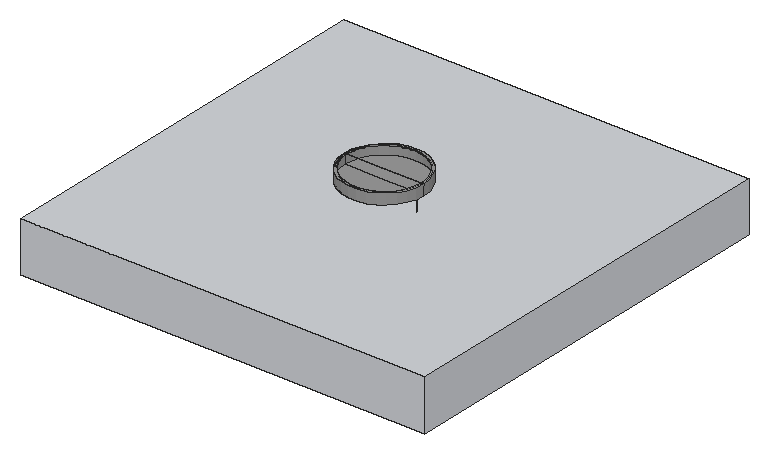
Revit family "LAMP_MUN LIGHT 480 SUSPENDED", category Modelos genéricos, Revit 2015
Parameters (values of type "2181LM 3000 GRAPHITE")
  Weight = 6.00 kg
  Type = "LOW POWER OSRAM"
  Suspension height [instance] = 100 mm
  Protection rating = "IP20 / IK08"
  Product datasheet = "http://www.lamp.es/product-files/TECH/ML1480SU25830NB-EN.pdf"
  Product code = "ML1480SU25830NB"
  Product URL = "https://www.lamp.es/en/family/mun-light_33332"
  Power Supply = "220-240V 50-60Hz"
  Power = 20 W
  Plum = 23.2 W
  Photometric web file = Cuerpo Mun light 480 : 2181LM 3000 GRAPHITE
  Modelo = Product code  # "ML1480SU25830NB"
  Manufacturer name = "LAMP"
  Manufacturer country = "Spain"
  Manufacturer URL = "http://www.lamp.es/en"
  MacAdam = "<3"
  Luminaire type = "Indoor - Downlight"
  Last update = "11/11/2020"
  Lamp = "LOW POWER LED"
  LED Lifetime = "50.000 L80 B10"
  Insulation class = "I"
  Installation instructions = "https://www.lamp.es/product-files/INS/1004130-C-MUN%20LIGHT.pdf"
  Initial intensity = 2181 lm
  Initial color = 3000 K
  IEE = "A+"
  Height = 64 mm
  Gear = "Electronic"
  Finish = "Texturised matte graphite"
  Fabricante = Manufacturer name  # "LAMP"
  Default Elevation = 1219.2 mm
  Efficacy = 94 lm/W
  Diameter = 480 mm
  Descripción = "MUN LIGHT SUS Ø480 2500 WW GRH."
  CRI = "80"
  Altura suspension [instance] = if(Suspension height < 1 mm, 1 mm, if(Suspension height > 3000 mm, 3000 mm, Suspension height))  # 100 mm
Types (8, lengths in mm): name | Type | Product datasheet | Product code | Power | Plum | Modelo | Lamp | Initial intensity | Initial color | Finish | Efficacy | Descripción
  2181LM 4000 GRAPHITE | "LOW POWER OSRAM" | "http://www.lamp.es/product-files/TECH/ML1480SU25840NB-EN.pdf" | "ML1480SU25840NB" | 20 W | 23.2 W | "ML1480SU25840NB" | "LOW POWER LED" | 2181 lm | 4000 K | "Texturised matte graphite" | 94 lm/W | "MUN LIGHT SUS Ø480 2500 NW GRH."
  2181LM 3000 GRAPHITE | "LOW POWER OSRAM" | "http://www.lamp.es/product-files/TECH/ML1480SU25830NB-EN.pdf" | "ML1480SU25830NB" | 20 W | 23.2 W | "ML1480SU25830NB" | "LOW POWER LED" | 2181 lm | 3000 K | "Texturised matte graphite" | 94 lm/W | "MUN LIGHT SUS Ø480 2500 WW GRH."
  2311LM 4000 WHITE | "LOW POWER OSRAM" | "http://www.lamp.es/product-files/TECH/ML1480SU25840NW-EN.pdf" | "ML1480SU25840NW" | 20 W | 23.2 W | "ML1480SU25840NW" | "LOW POWER LED" | 2311 lm | 4000 K | "Texturised matte white" | 99.6 lm/W | "MUN LIGHT SUS Ø480 2500 NW WH."
  2311LM 3000 WHITE | "LOW POWER OSRAM" | "http://www.lamp.es/product-files/TECH/ML1480SU25830NW-EN.pdf" | "ML1480SU25830NW" | 20 W | 23.2 W | "ML1480SU25830NW" | "LOW POWER LED" | 2311 lm | 3000 K | "Texturised matte white" | 99.6 lm/W | "MUN LIGHT SUS Ø480 2500 WW WH."
  4317LM 4000 GRAPHITE | "MID POWER OSRAM" | "http://www.lamp.es/product-files/TECH/ML1480SU40840NB-EN.pdf" | "ML1480SU40840NB" | 59 W | 61.9 W | "ML1480SU40840NB" | "MID-POWER LED" | 4317 lm | 4000 K | "Texturised matte graphite" | 69.7 lm/W | "MUN LIGHT SUS Ø480 4000 NW GRH."
  4317LM 3000 GRAPHITE | "MID POWER OSRAM" | "http://www.lamp.es/product-files/TECH/ML1480SU40830NB-EN.pdf" | "ML1480SU40830NB" | 59 W | 61.9 W | "ML1480SU40830NB" | "MID-POWER LED" | 4317 lm | 3000 K | "Texturised matte graphite" | 69.7 lm/W | "MUN LIGHT SUS Ø480 4000 WW GRH."
  4576LM 4000 WHITE | "MID POWER OSRAM" | "http://www.lamp.es/product-files/TECH/ML1480SU40840NW-EN.pdf" | "ML1480SU40840NW" | 59 W | 61.9 W | "ML1480SU40840NW" | "MID-POWER LED" | 4576 lm | 4000 K | "Texturised matte white" | 73.9 lm/W | "MUN LIGHT SUS Ø480 4000 NW WH."
  4576LM 3000 WHITE | "MID POWER OSRAM" | "http://www.lamp.es/product-files/TECH/ML1480SU40830NW-EN.pdf" | "ML1480SU40830NW" | 59 W | 61.9 W | "ML1480SU40830NW" | "MID-POWER LED" | 4576 lm | 3000 K | "Texturised matte white" | 73.9 lm/W | "MUN LIGHT SUS Ø480 4000 WW WH."
Reference planes
  plane 1 "Centro (Frontal/Posterior)": y = 0
  plane 2: z = 0
  plane 3 "Centro (Izquierda/Derecha)": x = 0
  plane 4: z = 100
Forms (mm)
  Extrusion 1, solid
    sketch origin (0, 0, 0) x (1, 0, 0) y (0, 1, 0)
      loop
        line (-1219.2, 1219.2) -> (-1219.2, -1219.2) -> (1219.2, -1219.2) -> (1219.2, 1219.2) -> (-1219.2, 1219.2)
    from 0 to -304.8
  Extrusion 2, solid
    sketch origin (0, 0, 0) x (1, 0, 0) y (0, 1, 0)
      loop
        circle (-194.5, 0) r 1
      loop
        circle (194.5, 0) r 1
    from 0 to 100
Text (mm)
  text "Any modification of the parameters and properties of the LAMP BIM models must be executed and validated by the LAMP technical department.\n\nPhone: +34 93 736 68 00\n\nE-mail: lamp@lamp.es\n\n\n\nLAMP reserves the right to modify the technical specifications of its products." at (7920.881, -23840.221, -8661.483), in view "Preview"
Dimensions and locks
  "Altura suspension": plane 4 to Extrusion 1
  aligned and locked: plane 2 to Extrusion 1
  aligned and locked: level to Extrusion 1
  aligned and locked: plane 4 to Extrusion 2
  aligned and locked: nested 1 to plane 4
Automatic sketch dimensions
  Extrusion 1 sketch curve to Extrusion 1 sketch curve = 2438.4 mm  (x2)
  plane 1 "Centro (Frontal/Posterior)" to Extrusion 2 sketch curve = 0 mm  (x2)
  Extrusion 2 sketch curve to plane 3 "Centro (Izquierda/Derecha)" = 194.5 mm
  plane 3 "Centro (Izquierda/Derecha)" to Extrusion 2 sketch curve = 194.5 mm
  radius of Extrusion 2 sketch curve = 1 mm  (x2)
Nested families
  nested 1: "Cuerpo Mun light 480" at (0, 0, 1664) x (1, 0, 0) z (0, 0, -1), type <- "Photometric web file", type "2181LM 3000 GRAPHITE"
Connectors
  electrical at (0, 0, 101.5)
    settings: on nested 1, index 1, voltage 230 V, apparent load 0 VA, apparent load phase1 0 VA, apparent load phase2 0 VA, apparent load phase3 0 VA, power factor 1, load classification "Otro", number of poles 1, system type 31, power factor state 1, is connector primary yes, connector utility no, sub classification motor no, connector description ""
Definition of nested family "Cuerpo Mun light 480"
  Parameters (values of type "2181LM 3000 GRAPHITE")
    Tilt Angle = 90.00°
    Wattage = 23.2 W
    built-in parameter 1150110 = 1 (stored number, unit not read)
    Material difusor = none
    Material cuerpo = none
    built-in parameter 1114217 = 1 (stored number, unit not read)
    built-in parameter 1150109 = 1 (stored number, unit not read)
    Default Elevation = 1219.2 mm
    Diametro interior 2 = 224.5 mm
    Diametro interior 1 = 238.5 mm
    Diametro difusor = 230.5 mm
    built-in parameter 1150134 = (empty or 0)
    built-in parameter 1150113 = 1 (stored number, unit not read)
    Lumens = 2180.8 lm
    built-in parameter 1150115 = 1 (stored number, unit not read)
    built-in parameter 1150105 = 745.78 (stored number, unit not read)
    built-in parameter 1150137 = (empty or 0)
    built-in parameter 1150139 = (empty or 0)
    built-in parameter 1150112 = 1 (stored number, unit not read)
    built-in parameter 1150114 = 1 (stored number, unit not read)
    built-in parameter 1150132 = 2
    built-in parameter 1150102 = (empty or 0)
    built-in parameter 1150138 = (empty or 0)
    built-in parameter 1150107 = 3000 (stored number, unit not read)
    built-in parameter 1150106 = 7.4578 (stored number, unit not read)
    built-in parameter 1150104 = 8.7329 (stored number, unit not read)
    Dimming Lamp Color Temperature Shift = (empty or 0)
    Color Filter = 16777215
    built-in parameter 1114218 = 1 (stored number, unit not read)
    Photometric Web File = "10540012.IES"
    built-in parameter 1150133 = 10 (stored number, unit not read)
  Types (4, lengths in mm): name | built-in parameter 1150134 | Lumens | built-in parameter 1150105 | built-in parameter 1150107 | built-in parameter 1150106 | built-in parameter 1150104 | Photometric Web File
    2181LM 4000 GRAPHITE | 12 | 2180.8 lm | 745.78 (stored number, unit not read) | 4000 (stored number, unit not read) | 7.4578 (stored number, unit not read) | 8.7329 (stored number, unit not read) | "10540012.IES"
    2181LM 3000 GRAPHITE | (empty or 0) | 2180.8 lm | 745.78 (stored number, unit not read) | 3000 (stored number, unit not read) | 7.4578 (stored number, unit not read) | 8.7329 (stored number, unit not read) | "10540012.IES"
    2311LM 4000 WHITE | 12 | 2310.72 lm | 790.48 (stored number, unit not read) | 4000 (stored number, unit not read) | 7.9048 (stored number, unit not read) | 9.2531 (stored number, unit not read) | "10540010.IES"
    2311LM 3000 WHITE | (empty or 0) | 2310.72 lm | 790.48 (stored number, unit not read) | 3000 (stored number, unit not read) | 7.9048 (stored number, unit not read) | 9.2531 (stored number, unit not read) | "10541010.IES"
  Reference planes
    plane 1 "Eje de origen de luz (F/P)": y = 0
    plane 2: z = 0
    plane 3 "Eje de origen de luz (I/D)": x = 0
    plane 4 "Elevación de origen de luz": z = 1500
  Forms (mm)
    Revolve 1, solid, material <- "Material cuerpo"
      sketch origin (0, 0, 0) x (1, 0, 0) y (0, 0, 1)
        loop
          line (224.5, 1500) -> (240, 1500) -> (240, 1564) -> (0, 1564) -> (0, 1562.5) -> (238.5, 1562.5) -> (238.5, 1501.5) -> (224.5, 1501.5) -> (224.5, 1500)
        axis (0, 1564) -> (0, 1500)
      angle from 0 to 360
    Revolve 2, solid, material <- "Material difusor"
      sketch origin (0, 0, 0) x (1, 0, 0) y (0, 0, 1)
        loop
          line (0, 1501.5) -> (230.5, 1501.5) -> (230.5, 1504.5) -> (0, 1504.5) -> (0, 1501.5)
        axis (0, 1504.5) -> (0, 1501.5)
      angle from 0 to 360
    Extrusion 3, solid, material <- "Material cuerpo"
      sketch origin (0.425, 376.628, 0) x (-1, 0, 0) y (0, -1, 0)
        loop
          line (-8.572, 148.16) -> (-8.572, 141.872)
          arc (-8.572, 141.872) -> (-8.222, 141.522) -> (-7.872, 141.872) r 0.35
          line (-7.872, 141.872) -> (-7.872, 147.667) -> (-6.665, 147.667) -> (-4.718, 142.006)
          arc (-4.718, 142.006) -> (-4.092, 141.559) -> (-3.465, 142.006) r 0.663
          line (-3.465, 142.006) -> (-1.68, 147.197)
          arc (-1.68, 147.197) -> (-1.234, 147.463) -> (-0.899, 147.067) r 0.401
          line (-0.899, 147.067) -> (-0.899, 142.203)
          arc (-0.899, 142.203) -> (-0.391, 141.498) -> (0.439, 141.755) r 0.744
          line (0.439, 141.755) -> (1.555, 142.871) -> (2.672, 141.755)
          arc (2.672, 141.755) -> (3.502, 141.498) -> (4.009, 142.203) r 0.744
          line (4.009, 142.203) -> (4.009, 147.429) -> (5.378, 147.429) -> (5.378, 141.559) -> (8.876, 141.559) -> (8.876, 144.707) -> (6.509, 144.707)
          arc (6.509, 144.707) -> (6.159, 144.358) -> (6.509, 144.008) r 0.35
          line (6.509, 144.008) -> (8.176, 144.008) -> (8.176, 142.259) -> (6.077, 142.259) -> (6.077, 148.16) -> (3.298, 148.16) -> (3.298, 142.303) -> (1.555, 144.045) -> (-0.187, 142.303) -> (-0.187, 148.115) -> (-2.104, 148.115) -> (-4.092, 142.338) -> (-6.095, 148.16) -> (-8.572, 148.16)
      from 1499 to 1500
  Dimensions and locks
    "Diametro interior 2": Revolve 1 sketch curve to plane 3 "Eje de origen de luz (I/D)"
    locked: Revolve 1 sketch curve to Revolve 1 sketch curve at 1.5
    "Diametro interior 1": Revolve 1 sketch curve to plane 3 "Eje de origen de luz (I/D)"
    "Diametro difusor": Revolve 2 sketch curve to plane 3 "Eje de origen de luz (I/D)"
    aligned and locked: plane 3 "Eje de origen de luz (I/D)" to imposter light
    aligned and locked: plane 1 "Eje de origen de luz (F/P)" to imposter light
    aligned and locked: plane 4 "Elevación de origen de luz" to imposter light
    aligned and locked: level to plane 2
  Automatic sketch dimensions
    Extrusion 3 sketch curve to plane 3 "Eje de origen de luz (I/D)" = 8.997 mm
    Extrusion 3 sketch curve to Extrusion 3 sketch curve = 0.35 mm  (x2)
    Extrusion 3 sketch curve to Extrusion 3 sketch curve = 1.207 mm
    Extrusion 3 sketch curve to Extrusion 3 sketch curve = 0.57 mm
    Extrusion 3 sketch curve to Extrusion 3 sketch curve = 3.154 mm
    Extrusion 3 sketch curve to Extrusion 3 sketch curve = 0.627 mm  (x2)
    Extrusion 3 sketch curve to Extrusion 3 sketch curve = 0 mm  (x2)
    Extrusion 3 sketch curve to plane 3 "Eje de origen de luz (I/D)" = 2.529 mm
    Extrusion 3 sketch curve to Extrusion 3 sketch curve = 0.424 mm
    Extrusion 3 sketch curve to Extrusion 3 sketch curve = 0.38 mm
    Extrusion 3 sketch curve to Extrusion 3 sketch curve = 0.401 mm
    Extrusion 3 sketch curve to plane 3 "Eje de origen de luz (I/D)" = 0.612 mm
    Extrusion 3 sketch curve to Extrusion 3 sketch curve = 0.032 mm
    plane 3 "Eje de origen de luz (I/D)" to Extrusion 3 sketch curve = 0.014 mm
    plane 3 "Eje de origen de luz (I/D)" to Extrusion 3 sketch curve = 1.131 mm  (x2)
    Extrusion 3 sketch curve to Extrusion 3 sketch curve = 1.116 mm
    Extrusion 3 sketch curve to Extrusion 3 sketch curve = 0.594 mm
    plane 3 "Eje de origen de luz (I/D)" to Extrusion 3 sketch curve = 2.873 mm
    Extrusion 3 sketch curve to Extrusion 3 sketch curve = 0.712 mm
    Extrusion 3 sketch curve to Extrusion 3 sketch curve = 1.368 mm
    Extrusion 3 sketch curve to Extrusion 3 sketch curve = 0.7 mm  (x3)
    Extrusion 3 sketch curve to Extrusion 3 sketch curve = 0.432 mm
    Extrusion 3 sketch curve to Extrusion 3 sketch curve = 1.667 mm
    plane 1 "Eje de origen de luz (F/P)" to Extrusion 3 sketch curve = 228.468 mm
    Extrusion 3 sketch curve to Extrusion 3 sketch curve = 0.044 mm
    Extrusion 3 sketch curve to Extrusion 3 sketch curve = 0.493 mm
    Extrusion 3 sketch curve to Extrusion 3 sketch curve = 0.731 mm
    Extrusion 3 sketch curve to Extrusion 3 sketch curve = 0.918 mm
    Extrusion 3 sketch curve to Extrusion 3 sketch curve = 2.722 mm
    Extrusion 3 sketch curve to Extrusion 3 sketch curve = 3.021 mm
    Extrusion 3 sketch curve to Extrusion 3 sketch curve = 1.174 mm
    Extrusion 3 sketch curve to Extrusion 3 sketch curve = 4.859 mm
    Extrusion 3 sketch curve to Extrusion 3 sketch curve = 0.568 mm
    Extrusion 3 sketch curve to Extrusion 3 sketch curve = 1.749 mm
    Extrusion 3 sketch curve to Extrusion 3 sketch curve = 0.117 mm
    Extrusion 3 sketch curve to Extrusion 3 sketch curve = 0.1 mm
    Extrusion 3 sketch curve to Extrusion 3 sketch curve = 0.215 mm
    Extrusion 3 sketch curve to Extrusion 3 sketch curve = 0.134 mm
    Revolve 1 sketch curve to plane 3 "Eje de origen de luz (I/D)" = 0 mm  (x2)
    Revolve 1 sketch curve to plane 4 "Elevación de origen de luz" = 0 mm
    Revolve 1 sketch curve to plane 4 "Elevación de origen de luz" = 1.5 mm
    Revolve 1 sketch curve to Revolve 1 sketch curve = 61 mm
    Revolve 1 sketch curve to Revolve 1 sketch curve = 1.5 mm
    Revolve 1 sketch curve to level = 271.696 mm
    Revolve 1 sketch curve to Revolve 1 sketch curve = 138.626 mm
    Revolve 2 sketch curve to plane 3 "Eje de origen de luz (I/D)" = 0 mm  (x2)
    Revolve 2 sketch curve to plane 4 "Elevación de origen de luz" = 1.5 mm
    Revolve 2 sketch curve to Revolve 2 sketch curve = 3 mm
    Revolve 2 sketch curve to level = 271.696 mm
    Revolve 2 sketch curve to Revolve 2 sketch curve = 198.126 mm
